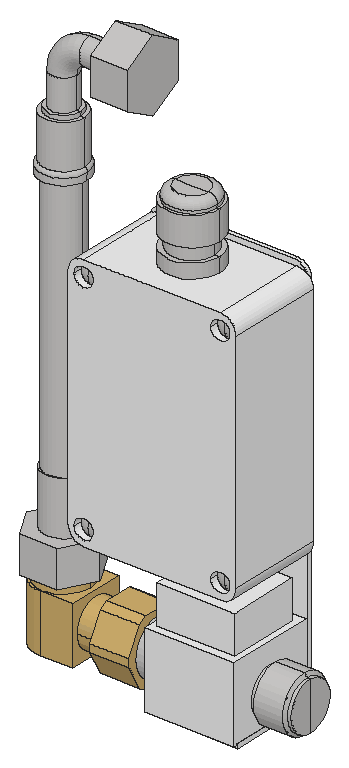
Revit family "PRD_AR_FlshCntrlDvcs_F5SmartUrinalUnit_ACEF3003", category Plumbing Fixtures, Revit 2023
Family settings
  Round Connector Dimension = Use Diameter
  Part Type = Normal
  OmniClass Number = 23.65.55.14.17
  OmniClass Title = Adjusting/Controlling Valves for Liquid Services
  Work Plane-Based = No
  Enable Cutting in Views = No
  Always vertical = Yes
  Cut with Voids When Loaded = No
  Maintain Annotation Orientation = No
  Shared = No
  Room Calculation Point = No
Parameters (values of type "ACEF3003")
  WorkingPressure = 0.0 Pa
  WarrantyStartDate [instance] = "1900-12-31T23:59:59"
  WarrantyGuarantorParts = "n/a"
  WarrantyGuarantorLabor = "n/a"
  WarrantyDurationUnit = "year"
  WarrantyDurationParts = "n/a"
  WarrantyDurationLabor = "n/a"
  WarrantyDescription = "n/a"
  Version = "1"
  ValvePattern = "OTHER"
  ValveOperation = "OTHER"
  ValveMechanism = "OTHER"
  Uniclass2015Version = "Products v1.32"
  Uniclass2015Title = "Flush control devices"
  Uniclass2015Code = "Pr_75_50_46_31"
  URL = "www.kwc-professional.com"
  Type IFC Predefined Type = "FLUSHING"
  TestPressure = 0.0 Pa
  TagNumber [instance] = "n/a"
  SustainabilityPerformance = "n/a"
  Status = "New"
  Size = "0"
  Shape = "n/a"
  SerialNumber [instance] = "n/a"
  Revision = "n/a"
  ReplacementCost = "n/a"
  Reference = "n/a"
  QuantityUom = "piece"
  Quantity = "1"
  ProductInformation = "http://pim.kwc.com/product/2030070859/attachment/datasheet?locale=en"
  NominalWidth = 0 mm
  NominalHeight = 0 mm
  NominalDepth = 0 mm
  Name = "F5 Smart urinal unit ACEF3003"
  NBSTypeID = "n/a"
  NBSReference = "90-15-35/470"
  NBSOfficeMasterTag = "n/a"
  NBSNote = "n/a"
  NBSDescription = "Flush control devices"
  NBSCertification = "n/a"
  ModelReference = "ACEF3003"
  ModelNumber = "2030070859"
  Model = ModelReference  # "ACEF3003"
  Material = "n/a"
  ManufacturerURL = "www.kwc-professional.com"
  ManufacturerName = "KWC Group Management AG"  # constant formula
  Manufacturer = ManufacturerName  # "KWC Group Management AG"
  IsHighPressure = no
  InstallationDate [instance] = "1900-12-31T23:59:59"
  IfcExportType = "FLUSHING"
  IfcExportAs = "IfcValveType"
  HasIntegralShutOffDevice = no
  Grade = "n/a"
  FlushingRate = 0.0 L/s
  FlowCoefficient = 0
  Finish = "n/a"
  Features = "Control unit in sealed plastic box for wireless communication with the F5 smart urinal sensor.  Battery compartment including battery or power supply unit with extension cable must be ordered separately."
  Export Type to IFC As = "IfcValveType"
  ExpectedLife = "n/a"
  DurationUnit = "year"
  Description = "F5 smart urinal unit for installation behind a single urinal made of CMPX539 stainless steel. Water path pre-assembled with hose for water connection, locking and solenoid valve. Control unit in sealed plastic box for wireless communication with the F5 smart urinal sensor. Either for battery operation with 6 V lithium battery (CR-P2) per control unit or separate power supply via power supply unit 6.75 V/12 V DC. Battery compartment including battery or power supply unit with extension cable must be ordered separately."
  Default Elevation = 0 mm
  CreatedOn = "05/2025"  # constant formula
  Constituents = "n/a"
  Color = "n/a"
  CodePerformance = "n/a"
  CloseOffRating = 0.0 Pa
  Category = "Pr_75_50_46_31, Flush control devices"
  BodyMaterial = PRD_AR_Plastic_White
  BarCode [instance] = "n/a"
  BIMObjectName = "PRD_AR_FlushControlDevices_F5SmartUrinalUnit_ACEF3003"
  Author = "Archispace"  # constant formula
  AssetType = "Fixed"
  AssetIdentifier [instance] = "n/a"
  AccessibilityPerformance = "n/a"
Reference planes
  plane 1 "Center (Front/Back)": y = 0
  plane 2: z = 0
  plane 3 "Center (Left/Right)": x = 0
Dimensions and locks
  aligned and locked: level to plane 2
Nested families
  nested 1: "ACEF3003" at (0, 0, 0), type "ACEF3003"
Connectors
  electrical at (-1.25, 19, 64.908)
    settings: on nested 1, index 1, voltage 6 V, apparent load 0 VA, apparent load phase1 0 VA, apparent load phase2 0 VA, apparent load phase3 0 VA, power factor 1, load classification "Other", number of poles 1, system type 30, power factor state 1, is connector primary yes, connector utility no, sub classification motor no, connector description ""
  piping at (-14.9, 0, 193.378), diameter 15
    settings: on nested 1, index 2, connector inside diameter 609.6 mm, connector length 0 mm, flow factor 0, pipe flow 0.0 L/s, pressure drop 0.0 Pa, fitting loss kfactor 0, connector angle 0.00°, fixture units 0, engagement length 0 mm, angle of deflection 0.00°, flow configuration 0, flow direction 1, fitting loss method 0, system type 7, joint type 0, gender type 0, connector reference index -1, connector utility 0, adjustable connector no, is connector primary yes, connector description "G 1/2"
  piping at (45, 0, -0.619), diameter 15
    settings: on nested 1, index 3, connector inside diameter 609.6 mm, connector length 0 mm, flow factor 0, pipe flow 0.0 L/s, pressure drop 0.0 Pa, fitting loss kfactor 0, connector angle 0.00°, fixture units 0, engagement length 0 mm, angle of deflection 0.00°, flow configuration 0, flow direction 2, fitting loss method 0, system type 8, joint type 0, gender type 0, connector reference index -1, connector utility 0, adjustable connector no, is connector primary no, connector description "G 1/2 B"
Definition of nested family "ACEF3003"
  Parameters (values of type "ACEF3003")
    MaterialSecondary = none
    Material = none
    Default Elevation = 0 mm
  Reference planes
    plane 1 "Center (Front/Back)": y = 0
    plane 2: z = 0
    plane 3 "Center (Left/Right)": x = 0
  Forms (mm)
    Revolve 1, solid, material <- "MaterialSecondary", detail levels fine
      sketch origin (6.12, 0, 9.881) x (1, 0, 0) y (0, 0, 1)
        loop
          line (-55.02, 38.498) -> (-62.774, 38.498) -> (-62.774, 17.998) -> (-55.02, 17.998) -> (-55.02, 38.498)
        axis (-55.02, 17.998) -> (-55.02, 38.498)
      angle from 0 to 360
    Revolve 2, solid, material <- "MaterialSecondary", detail levels fine
      sketch origin (13.02, 0, -0.619) x (1, 0, 0) y (0, 0, 1)
        loop
          line (-13.02, 135.748) -> (-13.02, 161.726) -> (-19.32, 161.726)
          arc (-19.32, 161.726) -> (-21.583, 160.788) -> (-22.52, 158.526) r 3.2
          line (-22.52, 158.526) -> (-22.52, 157.437) -> (-23.57, 157.437) -> (-23.57, 146.387) -> (-21.62, 146.387) -> (-21.62, 141.126) -> (-23.57, 141.126) -> (-23.57, 135.748) -> (-13.02, 135.748)
        axis (-13.02, 135.748) -> (-13.02, 161.726)
      angle from 0 to 360
    Extrusion 3, solid, material <- "Material", detail levels fine
      sketch origin (13.02, 0, -0.619) x (1, 0, 0) y (0, 0, 1)
        loop
          line (-45.02, 129.748) -> (-45.02, 43.748)
          arc (-45.02, 43.748) -> (-43.263, 39.505) -> (-39.02, 37.748) r 6
          line (-39.02, 37.748) -> (12.98, 37.748)
          arc (12.98, 37.748) -> (17.223, 39.505) -> (18.98, 43.748) r 6
          line (18.98, 43.748) -> (18.98, 129.748)
          arc (18.98, 129.748) -> (17.223, 133.99) -> (12.98, 135.748) r 6
          line (12.98, 135.748) -> (-39.02, 135.748)
          arc (-39.02, 135.748) -> (-43.263, 133.99) -> (-45.02, 129.748) r 6
      from -17.5 to 19
    Extrusion 4, solid, material <- "Material", detail levels fine
      sketch origin (13.02, 0, -0.619) x (1, 0, 0) y (0, 0, 1)
        loop
          line (-43.02, 16.748) -> (-18.02, -8.252) -> (-18.02, -11.752) -> (16.98, -11.752) -> (16.98, 132.748)
          arc (16.98, 132.748) -> (15.516, 136.283) -> (11.98, 137.748) r 5
          line (11.98, 137.748) -> (-38.02, 137.748)
          arc (-38.02, 137.748) -> (-41.556, 136.283) -> (-43.02, 132.748) r 5
          line (-43.02, 132.748) -> (-43.02, 16.748)
      from -19 to -17.5
    Extrusion 5, solid, material <- "Material", detail levels fine
      sketch origin (0, 0, 0) x (1, 0, 0) y (0, 0, 1)
        loop
          line (-5, -11.752) -> (-5, -13.252) -> (30, -13.252) -> (30, -11.752) -> (-5, -11.752)
      from -18.953 to 16
    Revolve 6, solid, material <- "MaterialSecondary", detail levels fine
      sketch origin (13.02, 0, -0.619) x (1, 0, 0) y (0, 0, 1)
        loop
          line (-26.32, 0) -> (-17.52, 0) -> (-17.52, 9) -> (-19.02, 9) -> (-19.82, 10.478) -> (-26.32, 10.478) -> (-26.32, 0)
        loop
          line (18.78, 10.478) -> (17.98, 9) -> (16.48, 9) -> (16.48, 0) -> (31.98, 0) -> (31.98, 9.173) -> (30.48, 9.173) -> (29.801, 10.478) -> (18.78, 10.478)
        axis (31.98, 0) -> (-26.32, 0)
      angle from 0 to 360
    Extrusion 7, solid, material <- "Material", detail levels fine
      sketch origin (13.02, 0, -0.619) x (1, 0, 0) y (0, 0, 1)
        loop
          line (-17.52, 16.748) -> (-17.52, -11.752) -> (16.48, -11.752) -> (16.48, 16.748) -> (-17.52, 16.748)
      from -17.5 to 17
    Extrusion 8, solid, material <- "Material", detail levels fine
      sketch origin (13.02, 0, -0.619) x (1, 0, 0) y (0, 0, 1)
        loop
          line (-15.52, 31.348) -> (-15.52, 16.748) -> (14.08, 16.748) -> (14.08, 31.348) -> (-15.52, 31.348)
      from -13.775 to 13.775
    Extrusion 9, solid, material <- "Material", detail levels coarse+medium
      sketch origin (0, 0, 0) x (1, 0, 0) y (0, 0, 1)
        loop
          line (-62.8, -13.252) -> (45, -13.252) -> (45, 207.278) -> (-62.8, 207.278) -> (-62.8, -13.252)
      from -19 to 39
    Revolve 10, solid, material <- "MaterialSecondary", detail levels fine
      sketch origin (6.12, 0, 34.881) x (1, 0, 0) y (0, 0, 1)
        loop
          line (-55.02, 136.498) -> (-61.52, 136.498) -> (-61.52, 134.998) -> (-63.02, 134.998) -> (-63.02, 118.293)
          arc (-63.02, 118.293) -> (-63.752, 117.561) -> (-64.02, 116.561) r 2
          line (-64.02, 116.561) -> (-64.02, 113.998) -> (-62.22, 113.998) -> (-62.22, 13.498) -> (-55.02, 13.498) -> (-55.02, 136.498)
        axis (-55.02, 13.498) -> (-55.02, 136.498)
      angle from 0 to 360
    Sweep 11, solid, material <- "MaterialSecondary", detail levels fine
      path origin (0, 0, 0) x (1, 0, 0) y (0, 0, 1)
        loop
          line (-48.9, 171.378) -> (-48.9, 183.378)
          arc (-48.9, 183.378) -> (-45.971, 190.449) -> (-38.9, 193.378) r 10
          line (-38.9, 193.378) -> (-28.9, 193.378)
      profile origin (-48.9, 0, 177.378) x (-1, 0, 0) y (0, -1, 0)
        loop
          circle (0, 0) r 5
    Sweep 12, solid, material <- "MaterialSecondary", detail levels fine
      path origin (0, 0, 0) x (1, 0, 0) y (0, 0, 1)
        loop
          line (-28.9, 193.378) -> (-14.9, 193.378)
      profile origin (-21.9, 0, 193.378) x (0, 0, 1) y (0, -1, 0)
        loop
          line (13.9, 0) -> (6.95, 12.038) -> (-6.95, 12.038) -> (-13.9, 0) -> (-6.95, -12.038) -> (6.95, -12.038) -> (13.9, 0)
    Sweep 13, solid, material <- "MaterialSecondary", detail levels fine
      path origin (0, 0, 0) x (1, 0, 0) y (0, 0, 1)
        loop
          line (-48.9, 27.878) -> (-48.9, 13.878)
      profile origin (-48.9, 0, 20.878) x (0, -1, 0) y (1, 0, 0)
        loop
          line (0, -13.9) -> (12.038, -6.95) -> (12.038, 6.95) -> (0, 13.9) -> (-12.038, 6.95) -> (-12.038, -6.95) -> (0, -13.9)
    Extrusion 14, void
      sketch origin (0, 0, 0) x (1, 0, 0) y (0, 0, 1)
        loop
          circle (-26, 129.128) r 3.7
        loop
          circle (26, 129.128) r 3.7
        loop
          circle (-26, 43.128) r 3.7
        loop
          circle (26, 43.128) r 3.7
      from 16 to 19
    Revolve 15, solid, material <- "MaterialSecondary", detail levels fine
      sketch origin (26, 0, 0) x (0, 1, 0) y (0, 0, 1)
        loop
          line (-16, 125.428) -> (-16, 129.128) -> (-17, 129.128)
          arc (-17, 129.128) -> (-16.746, 127.212) -> (-16, 125.428) r 7.345
        axis (-17, 129.128) -> (-16, 129.128)
      angle from 0 to 360
    Revolve 16, solid, material <- "MaterialSecondary", detail levels fine
      sketch origin (-26, 0, 0) x (0, 1, 0) y (0, 0, 1)
        loop
          line (-16, 125.428) -> (-16, 129.128) -> (-17, 129.128)
          arc (-17, 129.128) -> (-16.746, 127.212) -> (-16, 125.428) r 7.345
        axis (-17, 129.128) -> (-16, 129.128)
      angle from 0 to 360
    Revolve 17, solid, material <- "MaterialSecondary", detail levels fine
      sketch origin (26, 0, -86) x (0, 1, 0) y (0, 0, 1)
        loop
          line (-16, 125.428) -> (-16, 129.128) -> (-17, 129.128)
          arc (-17, 129.128) -> (-16.746, 127.212) -> (-16, 125.428) r 7.345
        axis (-17, 129.128) -> (-16, 129.128)
      angle from 0 to 360
    Revolve 18, solid, material <- "MaterialSecondary", detail levels fine
      sketch origin (-26, 0, -86) x (0, 1, 0) y (0, 0, 1)
        loop
          line (-16, 125.428) -> (-16, 129.128) -> (-17, 129.128)
          arc (-17, 129.128) -> (-16.746, 127.212) -> (-16, 125.428) r 7.345
        axis (-17, 129.128) -> (-16, 129.128)
      angle from 0 to 360
    Sweep 19, solid, detail levels fine
      path origin (0, 0, 0) x (1, 0, 0) y (0, 0, 1)
        loop
          line (-48.9, 13.878) -> (-48.9, 10.378)
      profile origin (-48.9, 0, 12.128) x (0, -1, 0) y (1, 0, 0)
        loop
          circle (0, 0) r 10.25
    Sweep 20, solid, detail levels fine
      path origin (0, 0, 0) x (1, 0, 0) y (0, 0, 1)
        loop
          line (-13.3, -0.619) -> (-28.1, -0.619)
      profile origin (-20.7, 0, -0.619) x (0, 0, -1) y (0, -1, 0)
        loop
          line (10.883, 8.151) -> (1.617, 13.5) -> (-1.617, 13.5) -> (-10.883, 8.151) -> (-12.5, 5.349) -> (-12.5, -5.349) -> (-10.883, -8.151) -> (-1.617, -13.5) -> (1.617, -13.5) -> (10.883, -8.151) -> (12.5, -5.349) -> (12.5, 5.349) -> (10.883, 8.151)
    Sweep 21, solid, detail levels fine
      path origin (0, 0, 0) x (1, 0, 0) y (0, 0, 1)
        loop
          line (-28.1, -0.619) -> (-36.8, -0.619)
      profile origin (-32.45, 0, -0.619) x (0, 0, -1) y (0, -1, 0)
        loop
          circle (0, 0) r 9
    Sweep 22, solid, detail levels fine
      path origin (0, 0, 0) x (1, 0, 0) y (0, 0, 1)
        loop
          line (-48.9, 10.378) -> (-48.9, -11.622)
      profile origin (-48.9, 0, -0.622) x (0, -1, 0) y (1, 0, 0)
        loop
          line (11, 0) -> (11, 12.1) -> (-11, 12.1) -> (-11, 0)
          arc (-11, 0) -> (0, -11) -> (11, 0) r 11
    Revolve 23, solid, detail levels fine
      sketch origin (0, 0, 0) x (1, 0, 0) y (0, 0, 1)
        loop
          line (-48.9, -11.622) -> (-48.9, -13.622) -> (-45.55, -13.622) -> (-44.6, -12.422) -> (-44.6, -11.622) -> (-48.9, -11.622)
        axis (-48.9, -13.622) -> (-48.9, -11.622)
      angle from 0 to 360
  Cuts and joins
    joined: Extrusion 4, Extrusion 5
    Extrusion 14 cuts Extrusion 3
  Dimensions and locks
    aligned and locked: level to plane 2
